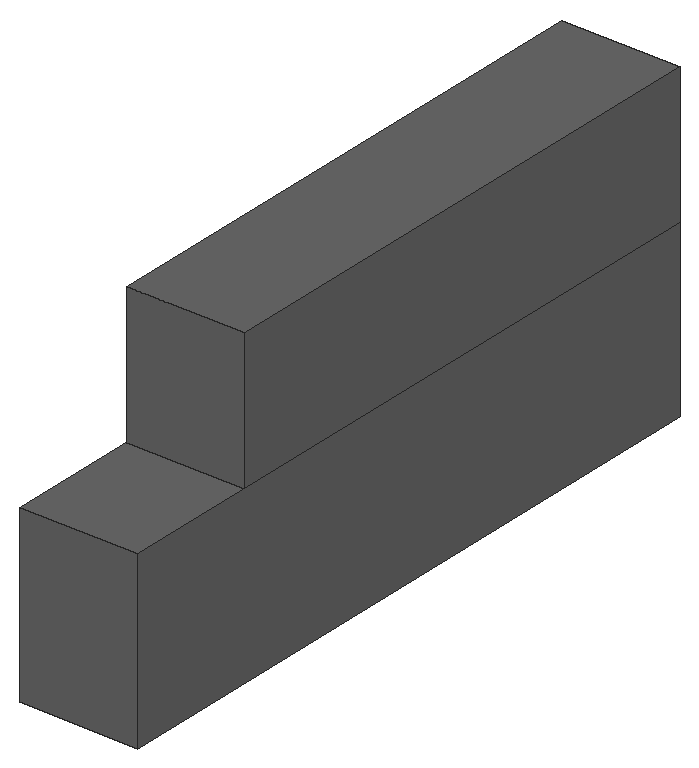
Revit family "Zumtobel SUPIL", category Lighting Fixtures, Revit 2016
Family settings
  Part Type = Normal
  Round Connector Dimension = Use Diameter
  OmniClass Number = 23.80.70.00
  OmniClass Title = Lighting
  Work Plane-Based = No
  Always vertical = Yes
  Cut with Voids When Loaded = No
  Light Source = Yes
  Shared = No
  Room Calculation Point = No
Parameters (values of type "SUPIL-R DF6 2000-930 LDO FL-DBK LH40 BK")
  Width = 38 mm  # constant formula
  Wattage = 13.4911 W
  built-in parameter 1150110 = 1 (stored number, unit not read)
  Voltage = 230 V  # constant formula
  URL = "http://www.zumtobel.com/60211113"
  Type Comments = "© Zumtobel. We reserve the right to make technical changes without prior notice."  # constant formula
  built-in parameter 1114217 = 1 (stored number, unit not read)
  Tilt Angle = 90.00°
  built-in parameter 1150109 = 1 (stored number, unit not read)
  built-in parameter 1150134 = (empty or 0)
  built-in parameter 1150113 = 1 (stored number, unit not read)
  Photometric Web File = "60211113_(STD_LEO).IES"
  Model = "60211113"
  Manufacturer = "Zumtobel Lighting"  # constant formula
  Lumens = 2004 lm
  built-in parameter 1150115 = 1 (stored number, unit not read)
  built-in parameter 1150105 = 159.47 (stored number, unit not read)
  Light Source Height [instance] = 2500 mm
  built-in parameter 1150137 = (empty or 0)
  built-in parameter 1150139 = (empty or 0)
  Length = 218 mm  # constant formula
  built-in parameter 1150112 = 1 (stored number, unit not read)
  built-in parameter 1150114 = 1 (stored number, unit not read)
  Lamp = "LED"  # constant formula
  built-in parameter 1150132 = 2
  built-in parameter 1150102 = (empty or 0)
  built-in parameter 1150138 = (empty or 0)
  built-in parameter 1150107 = 3000 (stored number, unit not read)
  built-in parameter 1150106 = 1.5947 (stored number, unit not read)
  Height = 101 mm  # constant formula
  Emit from Rectangle Width = 218 mm  # constant formula
  Emit from Rectangle Length = 38 mm  # constant formula
  Emit Shape Visible in Rendering = no
  built-in parameter 1150104 = 13.8 (stored number, unit not read)
  Dimming Lamp Color Temperature Shift = <None>
  Color Filter = 16777215
  Body [instance] = ZG_Metal_Black
  built-in parameter 1114218 = 1 (stored number, unit not read)
  built-in parameter 1150133 = 10 (stored number, unit not read)
  Apparent Load = 25 VA  # constant formula
Reference planes
  plane 1 "Light Source Axis (F/B)": y = 0
  plane 2: z = 0
  plane 3 "Light Source Axis (L/R)": x = 0
  plane 4 "Light Source Elevation": z = 0
  plane 5: z = 56
  plane 6: z = 101
  plane 7: x = -19
  plane 8: x = 19
  plane 9: z = 13.1
  plane 10 "Left": y = 109
  plane 11 "Right": y = -109
  plane 12: z = -2500
Forms (mm)
  Extrusion 1, solid, material "ZG_Metal_Black" <- "Body"
    sketch origin (0, -4.514, 0) x (1, 0, 0) y (0, 1, 0)
      loop
        line (-15, -67.986) -> (-15, -97.986) -> (15, -97.986) -> (15, -67.986) -> (-15, -67.986)
      loop
        line (-15, -32.986) -> (-15, -62.986) -> (15, -62.986) -> (15, -32.986) -> (-15, -32.986)
      loop
        line (-15, 2.014) -> (-15, -27.986) -> (15, -27.986) -> (15, 2.014) -> (-15, 2.014)
      loop
        line (-15, 37.014) -> (-15, 7.014) -> (15, 7.014) -> (15, 37.014) -> (-15, 37.014)
      loop
        line (-15, 72.014) -> (-15, 42.014) -> (15, 42.014) -> (15, 72.014) -> (-15, 72.014)
      loop
        line (-15, 107.014) -> (-15, 77.014) -> (15, 77.014) -> (15, 107.014) -> (-15, 107.014)
    from 13.1 to 0
  Extrusion 2, solid, material "ZG Cover_Self_llumination_Opaque"
    sketch origin (0, -4.514, 0) x (1, 0, 0) y (0, 1, 0)
      loop
        circle (0, 92.014) r 9.473
      loop
        circle (0, 57.014) r 9.473
      loop
        circle (0, 22.014) r 9.473
      loop
        circle (0, -12.986) r 9.473
      loop
        circle (0, -47.986) r 9.473
      loop
        circle (0, -82.986) r 9.473
    from 13.1 to 11.1
  Extrusion 3, solid, material "ZG_Metal_Black" <- "Body"
    sketch origin (0, 109, 0) x (0, 0, 1) y (-1, 0, 0)
      loop
        line (0, 16.943) -> (0, -16.943) -> (54.526, -16.943) -> (54.526, 16.943) -> (0, 16.943)
    from 0 to 2.1
  Blend 4, void
    base sketch origin (-399.5, 52.5, -44.45) x (0, -1, 0) y (1, 0, 0)
      loop
        line (127, 386.5) -> (153, 386.5) -> (153, 412.5) -> (127, 412.5) -> (127, 386.5)
    top sketch origin (-399.5, 52.5, -44.45) x (0, -1, 0) y (1, 0, 0)
      loop
        line (130.527, 390.027) -> (149.473, 390.027) -> (149.473, 408.973) -> (130.527, 408.973) -> (130.527, 390.027)
    from 44.45 to 55.55
  Extrusion 5, solid, material "ZG_Metal_Black" <- "Body"
    sketch origin (-399.5, -120.836, 64.55) x (1, 0, 0) y (0, 0, 1)
      loop
        line (380.5, -64.55) -> (382.557, -64.55) -> (382.557, -10.024) -> (416.443, -10.024) -> (416.443, -64.55) -> (418.5, -64.55) -> (418.5, -8.55) -> (380.5, -8.55) -> (380.5, -64.55)
    from -11.836 to -229.836
  Extrusion 6, solid, material "ZG_Metal_Black" <- "Body"
    sketch origin (0, -109, 0) x (0, 0, 1) y (1, 0, 0)
      loop
        line (0, -16.943) -> (54.526, -16.943) -> (54.526, 16.943) -> (0, 16.943) -> (0, -16.943)
    from 0 to 2.1
  Blend 7, void
    base sketch origin (-399.5, 87.5, -44.45) x (0, -1, 0) y (1, 0, 0)
      loop
        line (127, 386.5) -> (153, 386.5) -> (153, 412.5) -> (127, 412.5) -> (127, 386.5)
    top sketch origin (-399.5, 87.5, -44.45) x (0, -1, 0) y (1, 0, 0)
      loop
        line (130.527, 390.027) -> (149.473, 390.027) -> (149.473, 408.973) -> (130.527, 408.973) -> (130.527, 390.027)
    from 44.45 to 55.55
  Blend 8, void
    base sketch origin (-399.5, 122.5, -44.45) x (0, -1, 0) y (1, 0, 0)
      loop
        line (127, 386.5) -> (153, 386.5) -> (153, 412.5) -> (127, 412.5) -> (127, 386.5)
    top sketch origin (-399.5, 122.5, -44.45) x (0, -1, 0) y (1, 0, 0)
      loop
        line (130.527, 390.027) -> (149.473, 390.027) -> (149.473, 408.973) -> (130.527, 408.973) -> (130.527, 390.027)
    from 44.45 to 55.55
  Blend 9, void
    base sketch origin (-399.5, 157.5, -44.45) x (0, -1, 0) y (1, 0, 0)
      loop
        line (127, 386.5) -> (153, 386.5) -> (153, 412.5) -> (127, 412.5) -> (127, 386.5)
    top sketch origin (-399.5, 157.5, -44.45) x (0, -1, 0) y (1, 0, 0)
      loop
        line (130.527, 390.027) -> (149.473, 390.027) -> (149.473, 408.973) -> (130.527, 408.973) -> (130.527, 390.027)
    from 44.45 to 55.55
  Blend 10, void
    base sketch origin (-399.5, 192.5, -44.45) x (0, -1, 0) y (1, 0, 0)
      loop
        line (127, 386.5) -> (153, 386.5) -> (153, 412.5) -> (127, 412.5) -> (127, 386.5)
    top sketch origin (-399.5, 192.5, -44.45) x (0, -1, 0) y (1, 0, 0)
      loop
        line (130.527, 390.027) -> (149.473, 390.027) -> (149.473, 408.973) -> (130.527, 408.973) -> (130.527, 390.027)
    from 44.45 to 55.55
  Blend 11, void
    base sketch origin (-399.5, 227.5, -44.45) x (0, -1, 0) y (1, 0, 0)
      loop
        line (127, 386.5) -> (153, 386.5) -> (153, 412.5) -> (127, 412.5) -> (127, 386.5)
    top sketch origin (-399.5, 227.5, -44.45) x (0, -1, 0) y (1, 0, 0)
      loop
        line (130.527, 390.027) -> (149.473, 390.027) -> (149.473, 408.973) -> (130.527, 408.973) -> (130.527, 390.027)
    from 44.45 to 55.55
  Extrusion 12, void
    sketch origin (0, -4.514, 0) x (1, 0, 0) y (0, 1, 0)
      loop
        circle (0, 92.014) r 9.473
      loop
        circle (0, 57.014) r 9.473
      loop
        circle (0, 22.014) r 9.473
      loop
        circle (0, -12.986) r 9.473
      loop
        circle (0, -47.986) r 9.473
      loop
        circle (0, -82.986) r 9.473
    from 13.1 to 11.1
  Extrusion 13, solid, material "ZG_Metal_Black" <- "Body"
    sketch origin (0, 0, 0) x (0, 1, 0) y (0, 0, 1)
      loop
        line (109, 101) -> (-66, 101) -> (-66, 56) -> (109, 56) -> (109, 101)
    from -19 to 19
Cuts and joins
  joined: Extrusion 3, Extrusion 5, Extrusion 6
  Blend 4, Blend 7, Blend 8, Blend 9, Blend 10, Blend 11, Extrusion 12 cuts Extrusion 1
  Blend 7, Blend 8, Blend 9, Blend 10, Blend 11 cuts Extrusion 2
Lines and regions (mm)
  model lines, style "InvisibleLines"
    curve 1: line (0, 0, 0) -> (0, 0, -2500)
Dimensions and locks
  "Light Source Height": plane 12 to plane 4 "Light Source Elevation"
  aligned and locked: plane 3 "Light Source Axis (L/R)" to imposter light
  aligned and locked: plane 1 "Light Source Axis (F/B)" to imposter light
  aligned and locked: plane 4 "Light Source Elevation" to imposter light
  aligned and locked: level to plane 2
  aligned and locked: plane 4 "Light Source Elevation" to plane 2
  aligned and locked: plane 4 "Light Source Elevation" to curve 1
  aligned and locked: plane 12 to curve 1
  aligned and locked: curve 1 to plane 1 "Light Source Axis (F/B)"
Automatic sketch dimensions
  plane 7 to Extrusion 1 sketch curve = 4 mm  (x6)
  plane 8 to Extrusion 1 sketch curve = 4 mm  (x6)
  plane 11 "Right" to Extrusion 1 sketch curve = 6.5 mm
  Extrusion 1 sketch curve to Extrusion 1 sketch curve = 30 mm  (x4)
  Extrusion 1 sketch curve to Extrusion 1 sketch curve = 5 mm  (x4)
  plane 1 "Light Source Axis (F/B)" to Extrusion 1 sketch curve = 2.5 mm
  Extrusion 1 sketch curve to plane 1 "Light Source Axis (F/B)" = 2.5 mm
  plane 10 "Left" to Extrusion 1 sketch curve = 6.5 mm
  Extrusion 2 sketch curve to plane 3 "Light Source Axis (L/R)" = 0 mm  (x6)
  plane 11 "Right" to Extrusion 2 sketch curve = 21.5 mm
  Extrusion 2 sketch curve to Extrusion 2 sketch curve = 35 mm  (x2)
  plane 1 "Light Source Axis (F/B)" to Extrusion 2 sketch curve = 17.5 mm
  Extrusion 2 sketch curve to plane 1 "Light Source Axis (F/B)" = 17.5 mm
  plane 10 "Left" to Extrusion 2 sketch curve = 21.5 mm
  Extrusion 3 sketch curve to level = 0 mm
  Extrusion 3 sketch curve to plane 5 = 1.474 mm
  plane 8 to Extrusion 3 sketch curve = 2.057 mm
  plane 7 to Extrusion 3 sketch curve = 2.057 mm
  plane 8 to Blend 4 sketch curve = 6 mm
  plane 11 "Right" to Blend 4 sketch curve = 34.5 mm
  plane 11 "Right" to Blend 4 sketch curve = 8.5 mm
  plane 7 to Blend 4 sketch curve = 6 mm
  plane 3 "Light Source Axis (L/R)" to Blend 4 sketch curve = 9.473 mm
  plane 11 "Right" to Blend 4 sketch curve = 30.973 mm
  plane 11 "Right" to Blend 4 sketch curve = 12.027 mm
  Blend 4 sketch curve to plane 3 "Light Source Axis (L/R)" = 9.473 mm
  Extrusion 5 sketch curve to level = 0 mm  (x2)
  Extrusion 5 sketch curve to plane 7 = 0 mm
  plane 8 to Extrusion 5 sketch curve = 0 mm
  Extrusion 5 sketch curve to plane 5 = 0 mm
  plane 7 to Extrusion 5 sketch curve = 2.057 mm
  Extrusion 5 sketch curve to Extrusion 5 sketch curve = 2.057 mm
  Extrusion 5 sketch curve to plane 5 = 1.474 mm
  Extrusion 6 sketch curve to level = 0 mm
  plane 5 to Extrusion 6 sketch curve = 1.474 mm
  Extrusion 6 sketch curve to plane 8 = 2.057 mm
  Extrusion 6 sketch curve to plane 7 = 2.057 mm
  plane 8 to Blend 7 sketch curve = 6 mm
  plane 1 "Light Source Axis (F/B)" to Blend 7 sketch curve = 39.5 mm
  plane 7 to Blend 7 sketch curve = 6 mm
  Blend 7 sketch curve to Blend 7 sketch curve = 26 mm
  plane 3 "Light Source Axis (L/R)" to Blend 7 sketch curve = 9.473 mm
  plane 1 "Light Source Axis (F/B)" to Blend 7 sketch curve = 43.027 mm
  Blend 7 sketch curve to plane 3 "Light Source Axis (L/R)" = 9.473 mm
  Blend 7 sketch curve to Blend 7 sketch curve = 18.946 mm
  plane 1 "Light Source Axis (F/B)" to Blend 8 sketch curve = 4.5 mm
  plane 7 to Blend 8 sketch curve = 6 mm
  Blend 8 sketch curve to Blend 8 sketch curve = 26 mm
  plane 8 to Blend 8 sketch curve = 6 mm
  plane 1 "Light Source Axis (F/B)" to Blend 8 sketch curve = 8.027 mm
  Blend 8 sketch curve to plane 3 "Light Source Axis (L/R)" = 9.473 mm
  Blend 8 sketch curve to Blend 8 sketch curve = 18.946 mm
  plane 3 "Light Source Axis (L/R)" to Blend 8 sketch curve = 9.473 mm
  plane 8 to Blend 9 sketch curve = 6 mm
  Blend 9 sketch curve to plane 1 "Light Source Axis (F/B)" = 30.5 mm
  Blend 9 sketch curve to plane 1 "Light Source Axis (F/B)" = 4.5 mm
  plane 7 to Blend 9 sketch curve = 6 mm
  plane 3 "Light Source Axis (L/R)" to Blend 9 sketch curve = 9.473 mm
  Blend 9 sketch curve to plane 1 "Light Source Axis (F/B)" = 26.973 mm
  Blend 9 sketch curve to plane 1 "Light Source Axis (F/B)" = 8.027 mm
  Blend 9 sketch curve to plane 3 "Light Source Axis (L/R)" = 9.473 mm
  plane 8 to Blend 10 sketch curve = 6 mm
  plane 10 "Left" to Blend 10 sketch curve = 43.5 mm
  plane 7 to Blend 10 sketch curve = 6 mm
  Blend 10 sketch curve to Blend 10 sketch curve = 26 mm
  plane 3 "Light Source Axis (L/R)" to Blend 10 sketch curve = 9.473 mm
  plane 10 "Left" to Blend 10 sketch curve = 47.027 mm
  Blend 10 sketch curve to plane 3 "Light Source Axis (L/R)" = 9.473 mm
  Blend 10 sketch curve to Blend 10 sketch curve = 18.946 mm
  plane 10 "Left" to Blend 11 sketch curve = 8.5 mm
  plane 7 to Blend 11 sketch curve = 6 mm
  Blend 11 sketch curve to Blend 11 sketch curve = 26 mm
  plane 8 to Blend 11 sketch curve = 6 mm
  plane 10 "Left" to Blend 11 sketch curve = 12.027 mm
  Blend 11 sketch curve to plane 3 "Light Source Axis (L/R)" = 9.473 mm
  Blend 11 sketch curve to Blend 11 sketch curve = 18.946 mm
  plane 3 "Light Source Axis (L/R)" to Blend 11 sketch curve = 9.473 mm
  Extrusion 12 sketch curve to plane 3 "Light Source Axis (L/R)" = 0 mm  (x6)
  plane 11 "Right" to Extrusion 12 sketch curve = 21.5 mm
  Extrusion 12 sketch curve to Extrusion 12 sketch curve = 35 mm  (x2)
  plane 1 "Light Source Axis (F/B)" to Extrusion 12 sketch curve = 17.5 mm
  Extrusion 12 sketch curve to plane 1 "Light Source Axis (F/B)" = 17.5 mm
  plane 10 "Left" to Extrusion 12 sketch curve = 21.5 mm
  Extrusion 13 sketch curve to plane 6 = 0 mm
  Extrusion 13 sketch curve to plane 5 = 0 mm
  Extrusion 13 sketch curve to plane 10 "Left" = 0 mm
  plane 11 "Right" to Extrusion 13 sketch curve = 43 mm
  radius of Extrusion 2 sketch curve = 9.473 mm  (x6)
  radius of Extrusion 12 sketch curve = 9.473 mm  (x6)
Connectors
  electrical at (0, 21.5, 101), driven by "Voltage", driven by "Apparent Load"
    settings: on Extrusion 13, index 1, voltage 230 V, apparent load 25 VA, apparent load phase1 0 VA, apparent load phase2 0 VA, apparent load phase3 0 VA, power factor 1, load classification "Lighting", number of poles 1, system type 30, power factor state 1, is connector primary yes, connector utility no, sub classification motor no, connector description "Power"
